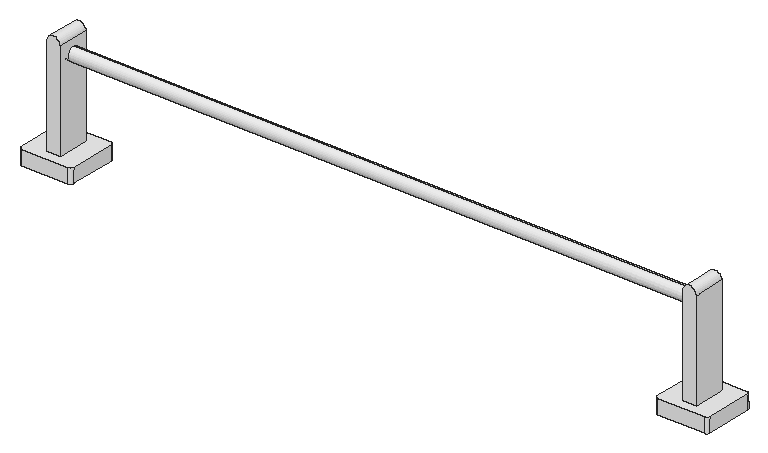
Revit family "Towel_Bar-American_Standard-Contemporary_CS_Series-8335.024_Series", category Specialty Equipment, host Face, Revit 2018
Family settings
  Host = Face
  Round Connector Dimension = Use Diameter
  Part Type = Normal
  OmniClass Number = 23.40.20.21.27
  OmniClass Title = Towel Bars
  Cut with Voids When Loaded = No
  Shared = Yes
  Room Calculation Point = No
Parameters (values of type "8335024.295")
  Width = 24"
  URL = "http://www.americanstandard-us.com"
  Type Comments = ""
  Revised Date = "03/22/2022"  # constant formula
  Product Page URL = "https://www.americanstandard-us.com/Towel-Bars/CS-Series-24-Inch-Towel-Bar/BRUSHED-NICKEL-8335024295"
  Product Documentation Link = "https://americanstandard.box.com/shared/static/9b9ujtr7z8ytw6nidwsmm714037jnowg.pdf"
  Price = "Prices may vary. Please consult Manufacturer Representative for most up-to-date price list."  # constant formula
  Model = "8335024.295"
  Material = "Brass-American Standard-295-Satin Nickel"
  Manufacturer = "American Standard"
  Length = 4 1/2"
  Installation Type = "Wall Mounted"
  Height = 2"
  Finish = Brass-American Standard-295-Satin Nickel
  Description = "CS Series 24\" Towel Bar"
  Default Elevation = 40"
  Creation Date = "04/04/2014"  # constant formula
  Assembly Code = "C1030200"
Types (3): name | Product Page URL | Model | Material | Finish | Description
  (no name) | "https://www.americanstandard-us.com/Towel-Bars/CS-Series-24-Inch-Towel-Bar/BRUSHED-NICKEL-8335024295" | "8335024.295" | "Brass-American Standard-295-Satin Nickel" | Brass-American Standard-295-Satin Nickel | "CS Series 24\" Towel Bar"
  8335024.002 | "https://www.americanstandard-us.com/Towel-Bars/CS-Series-24-Inch-Towel-Bar/CHROME-8335024002" | "8335024.002" | "Brass-American Standard-002-Polished Chrome" | Brass-American Standard-002-Polished Chrome | "CS Series 24\" Towel Bar Polished Chrome"
  8335024.295 | "https://www.americanstandard-us.com/Towel-Bars/CS-Series-24-Inch-Towel-Bar/BRUSHED-NICKEL-8335024295" | "8335024.295" | "Brass-American Standard-295-Satin Nickel" | Brass-American Standard-295-Satin Nickel | "CS Series 24\" Towel Bar"
Reference planes (in)
  plane 1 "Center (Front/Back)": y = 0
  plane 2: z = 0
  plane 3 "Center (Left/Right)": x = 0
  plane 4: x = -12
  plane 5: y = 1
  plane 6: x = -13
  plane 7: x = -11
  plane 8: x = -12.25
  plane 9: x = -11.75
  plane 10: z = 3.75
  plane 11: z = 4.5
  plane 12: y = 0.59375
  plane 13: y = -0.59375
  plane 14: y = -1
  plane 15: x = 12
  plane 16: x = 13
  plane 17: x = 11
  plane 18: x = 12.25
  plane 19: x = 11.75
Forms (in)
  Extrusion 1, solid, material "Brass-American Standard-295-Satin Nickel" <- "Finish"
    sketch origin (-3, 0, 0) x (1, 0, 0) y (0, 0, -1)
      loop
        line (-9.25, -0.28467) -> (-9.25, -4.25)
        arc (-9.25, -4.25) -> (-9, -4.5) -> (-8.75, -4.25) r 0.25
        line (-8.75, -4.25) -> (-8.75, -0.28467) -> (-9.25, -0.28467)
    from -0.59375 to 0.59375
  Extrusion 2, solid, material "Brass-American Standard-295-Satin Nickel" <- "Finish"
    sketch origin (-3, 0, 0) x (1, 0, 0) y (0, 1, 0)
      loop
        arc (-9.875, 1) -> (-9.96339, 0.96339) -> (-10, 0.875) r 0.125
        line (-10, 0.875) -> (-10, -0.875)
        arc (-10, -0.875) -> (-9.96339, -0.96339) -> (-9.875, -1) r 0.125
        line (-9.875, -1) -> (-8.125, -1)
        arc (-8.125, -1) -> (-8.03661, -0.96339) -> (-8, -0.875) r 0.125
        line (-8, -0.875) -> (-8, 0.875)
        arc (-8, 0.875) -> (-8.03661, 0.96339) -> (-8.125, 1) r 0.125
        line (-8.125, 1) -> (-9.875, 1)
    from 0 to 0.52925
  Extrusion 3, solid, material "Brass-American Standard-295-Satin Nickel" <- "Finish"
    sketch origin (3, 0, 0) x (0, 0, -1) y (0, 1, 0)
      loop
        circle (-3.75, 0) r 0.25
    from -15 to 9
  Extrusion 4, solid, material "Brass-American Standard-295-Satin Nickel" <- "Finish"
    sketch origin (3, 0, 0) x (-1, 0, 0) y (0, 0, 1)
      loop
        line (-9.25, 0.28467) -> (-8.75, 0.28467) -> (-8.75, 4.25)
        arc (-8.75, 4.25) -> (-9, 4.5) -> (-9.25, 4.25) r 0.25
        line (-9.25, 4.25) -> (-9.25, 0.28467)
    from -0.59375 to 0.59375
  Extrusion 5, solid, material "Brass-American Standard-295-Satin Nickel" <- "Finish"
    sketch origin (3, 0, 0) x (-1, 0, 0) y (0, -1, 0)
      loop
        line (-9.875, -1) -> (-8.125, -1)
        arc (-8.125, -1) -> (-8.03661, -0.96339) -> (-8, -0.875) r 0.125
        line (-8, -0.875) -> (-8, 0.875)
        arc (-8, 0.875) -> (-8.03661, 0.96339) -> (-8.125, 1) r 0.125
        line (-8.125, 1) -> (-9.875, 1)
        arc (-9.875, 1) -> (-9.96339, 0.96339) -> (-10, 0.875) r 0.125
        line (-10, 0.875) -> (-10, -0.875)
        arc (-10, -0.875) -> (-9.96339, -0.96339) -> (-9.875, -1) r 0.125
    from 0 to 0.52925
Lines and regions (in)
  Masking region 1
    outline origin (0, 0, 0) x (1, 0, 0) y (0, 0, 1)
      loop
        line (-12.25, 4.25) -> (-12.25, 0.52925) -> (-13, 0.52925) -> (-13, 0) -> (-11, 0) -> (-11, 0.52925) -> (-11.75, 0.52925) -> (-11.75, 3.5) -> (11.75, 3.5) -> (11.75, 0.52925) -> (11, 0.52925) -> (11, 0) -> (13, 0) -> (13, 0.52925) -> (12.25, 0.52925) -> (12.25, 4.25)
        arc (12.25, 4.25) -> (12, 4.5) -> (11.75, 4.25) r 0.25
        line (11.75, 4.25) -> (11.75, 4) -> (-11.75, 4) -> (-11.75, 4.25)
        arc (-11.75, 4.25) -> (-12, 4.5) -> (-12.25, 4.25) r 0.25
  symbolic lines, style "SpecialityEquipment", detail levels fine
    curve 1: line (11.75, 0, 0.52925) -> (12.25, 0, 0.52925)
    curve 3: line (-11.75, 0, 0.52925) -> (-12.25, 0, 0.52925)
  symbolic lines, style "SpecialityEquipment", detail levels medium+fine
    curve 2: line (11.75, 0, 3.5) -> (11.75, 0, 4)
    curve 4: line (-11.75, 0, 3.5) -> (-11.75, 0, 4)
Dimensions and locks (in)
  "Width": plane 4 to plane 15
  plane 6 to plane 16 = 26"
  plane 10 to plane 2 = 3 3/4"
  "Length": plane 11 to plane 2
  "Height": plane 14 to plane 5
  aligned and locked: plane 2 to host face
  aligned and locked: level to host face
Automatic sketch dimensions
  host sketch curve to host sketch curve = 96"  (x2)
  Extrusion 1 sketch curve to plane 8 = 0"
  Extrusion 1 sketch curve to plane 4 = 0"
  Extrusion 1 sketch curve to plane 11 = 1/4"
  level to Extrusion 1 sketch curve = 0.28467"
  Extrusion 2 sketch curve to plane 6 = 0"
  plane 14 to Extrusion 2 sketch curve = 0"
  plane 5 to Extrusion 2 sketch curve = 0"
  Extrusion 2 sketch curve to plane 7 = 0"
  plane 6 to Extrusion 2 sketch curve = 1/8"
  plane 5 to Extrusion 2 sketch curve = 1/8"
  plane 7 to Extrusion 2 sketch curve = 1/8"  (x2)
  Extrusion 3 sketch curve to plane 1 "Center (Front/Back)" = 0"
  Extrusion 3 sketch curve to plane 10 = 0"
  plane 18 to Extrusion 4 sketch curve = 0"
  plane 15 to Extrusion 4 sketch curve = 0"
  level to Extrusion 4 sketch curve = 0.28467"
  Extrusion 4 sketch curve to plane 11 = 1/4"
  Extrusion 5 sketch curve to plane 16 = 0"
  plane 14 to Extrusion 5 sketch curve = 0"
  plane 5 to Extrusion 5 sketch curve = 0"
  Extrusion 5 sketch curve to plane 17 = 0"
  plane 16 to Extrusion 5 sketch curve = 1/8"
  plane 5 to Extrusion 5 sketch curve = 1/8"
  plane 17 to Extrusion 5 sketch curve = 1/8"
  Extrusion 5 sketch curve to Extrusion 5 sketch curve = 1/8"
  Masking region 1 sketch curve to plane 6 = 0"
  Masking region 1 sketch curve to plane 8 = 0"
  Masking region 1 sketch curve to plane 4 = 0"
  plane 9 to Masking region 1 sketch curve = 0"
  plane 7 to Masking region 1 sketch curve = 0"
  Masking region 1 sketch curve to level = 0"  (x2)
  Masking region 1 sketch curve to plane 17 = 0"
  Masking region 1 sketch curve to plane 19 = 0"  (x2)
  plane 15 to Masking region 1 sketch curve = 0"
  plane 16 to Masking region 1 sketch curve = 0"
  level to Masking region 1 sketch curve = 0.52925"  (x3)
  Masking region 1 sketch curve to Masking region 1 sketch curve = 0.52925"
  Masking region 1 sketch curve to plane 10 = 1/4"
  plane 10 to Masking region 1 sketch curve = 1/4"
  Masking region 1 sketch curve to Masking region 1 sketch curve = 1/4"  (x2)
  curve 3 to plane 8 = 0"
  plane 9 to curve 4 = 0"
  plane 9 to curve 3 = 0"
  curve 2 to plane 19 = 0"
  curve 1 to plane 19 = 0"
  plane 18 to curve 1 = 0"
  level to curve 1 = 0.52925"
  level to curve 3 = 0.52925"
  curve 4 to plane 10 = 1/4"
  curve 2 to plane 10 = 1/4"
  plane 10 to curve 4 = 1/4"
  plane 10 to curve 2 = 1/4"
  radius of Extrusion 3 sketch curve = 1/4"
